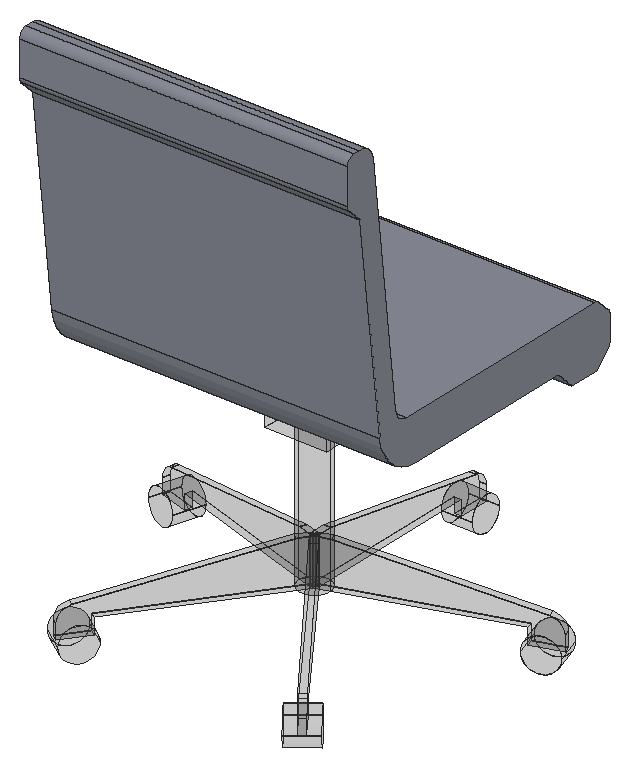
Revit family "M_Cadeira-Serviço", category Mobiliário, Revit 2019
Family settings
  Número OmniClass = 23.40.20.14.14.11
  Título OmniClass = Chairs
  ID de item do Seek = Chair-Task-0000-CAN-ENU
  Com base no plano de trabalho = Não
  Sempre na vertical = Sim
  Corte com vazios quando carregada = Não
  Compartilhado = Sim
  Ponto de cálculo do ambiente = Não
Parameters
  Material base = Plástico, Preto Opaco
  Material da projeção = Plástico, Preto Opaco
  Assento/Material preto = Tecido - Azul ardósia
Reference planes
  plane 1 "Centro (Frente/Trás)": y = 18.946
  plane 2: z = 0
  plane 3 "Centro (Esquerda/Direita)": x = 140.991
  plane 4: x = 458.491
  plane 5: x = -176.509
  plane 6: y = -323.954
  plane 7: y = 361.846
  plane 8: z = 889
  plane 9 "Assento": z = 457.2
  plane 10: y = -247.754
  plane 11: z = 863.6
  plane 12: y = 285.646
  plane 13: y = 260.246
  plane 14: z = 431.8
  plane 15: y = -222.354
  plane 16: z = 787.4
  plane 17: z = 355.6
  plane 18: x = 191.791
  plane 19: x = 90.191
Forms (mm)
  Extrusion 1, solid, material "Tecido - Azul ardósia" <- "Assento/Material preto"
    sketch origin (-176.509, 0, 0) x (0, -1, 0) y (0, 0, 1)
      loop
        arc (-255.01, 457.2) -> (-259.851, 456.241) -> (-263.96, 453.51) r 12.7
        line (-263.96, 453.51) -> (-281.896, 435.694)
        arc (-281.896, 435.694) -> (-284.671, 431.563) -> (-285.646, 426.684) r 12.7
        line (-285.646, 426.684) -> (-285.646, 391.641)
        arc (-285.646, 391.641) -> (-283.729, 381.96) -> (-278.266, 373.74) r 25.4
        line (-278.266, 373.74) -> (-260.247, 355.6) -> (-209.447, 355.6) -> (-181.074, 383.784) -> (107.109, 383.784)
        arc (107.109, 383.784) -> (157.745, 403.041) -> (182.787, 451.08) r 76.2
        line (182.787, 451.08) -> (222.354, 787.4) -> (244.034, 809.08)
        arc (244.034, 809.08) -> (246.787, 813.2) -> (247.754, 818.061) r 12.7
        line (247.754, 818.061) -> (247.754, 876.3)
        arc (247.754, 876.3) -> (244.034, 885.28) -> (235.054, 889) r 12.7
        line (235.054, 889) -> (222.179, 889)
        arc (222.179, 889) -> (205.3, 882.581) -> (196.953, 866.568) r 25.4
        line (196.953, 866.568) -> (151.431, 479.632)
        arc (151.431, 479.632) -> (143.084, 463.619) -> (126.205, 457.2) r 25.4
        line (126.205, 457.2) -> (-255.01, 457.2)
    from -50.8 to -584.2
  Extrusion 2, solid, material "Plástico, Preto Opaco" <- "Material base"
    sketch origin (191.791, 0, 0) x (0, -1, 0) y (0, 0, 1)
      loop
        line (19.154, 383.784) -> (-69.746, 383.784) -> (-69.746, 371.084) -> (-18.946, 283.095) -> (19.154, 283.095) -> (19.154, 383.784)
    from 0 to 101.6
  Extrusion 3, solid, material "Plástico, Preto Opaco" <- "Material base"
    sketch origin (140.991, 0, 0) x (0, 1, 0) y (0, 0, 1)
      loop
        line (18.946, 53.584) -> (311.046, 53.584) -> (311.046, 28.184) -> (361.846, 28.184) -> (361.846, 52.487)
        arc (361.846, 52.487) -> (355.903, 68.813) -> (340.857, 77.501) r 25.4
        line (340.857, 77.501) -> (44.346, 129.784) -> (18.946, 129.784) -> (18.946, 53.584)
    from 6.35 to -6.35
  Extrusion 4, solid, material "Plástico, Preto Opaco" <- "Material da projeção"
    sketch origin (140.991, 0, 0) x (0, 1, 0) y (0, 0, 1)
      loop
        circle (336.446, 28.184) r 28.2
    from 25.4 to -25.4
  Extrusion 5, solid, material "Plástico, Preto Opaco" <- "Material base"
    sketch origin (159.009, 13.091, 0) x (-0.951057, 0.309017, 0) y (0, 0, 1)
      loop
        line (18.946, 53.584) -> (311.046, 53.584) -> (311.046, 28.184) -> (361.846, 28.184) -> (361.846, 52.487)
        arc (361.846, 52.487) -> (355.903, 68.813) -> (340.857, 77.501) r 25.4
        line (340.857, 77.501) -> (44.346, 129.784) -> (18.946, 129.784) -> (18.946, 53.584)
    from 6.35 to -6.35
  Extrusion 6, solid, material "Plástico, Preto Opaco" <- "Material da projeção"
    sketch origin (159.009, 13.091, 0) x (-0.951057, 0.309017, 0) y (0, 0, 1)
      loop
        circle (336.446, 28.184) r 28.2
    from 25.4 to -25.4
  Extrusion 7, solid, material "Plástico, Preto Opaco" <- "Material base"
    sketch origin (152.127, 34.273, 0) x (-0.587785, -0.809017, 0) y (0, 0, 1)
      loop
        line (18.946, 53.584) -> (311.046, 53.584) -> (311.046, 28.184) -> (361.846, 28.184) -> (361.846, 52.487)
        arc (361.846, 52.487) -> (355.903, 68.813) -> (340.857, 77.501) r 25.4
        line (340.857, 77.501) -> (44.346, 129.784) -> (18.946, 129.784) -> (18.946, 53.584)
    from 6.35 to -6.35
  Extrusion 8, solid, material "Plástico, Preto Opaco" <- "Material da projeção"
    sketch origin (152.127, 34.273, 0) x (-0.587785, -0.809017, 0) y (0, 0, 1)
      loop
        circle (336.446, 28.184) r 28.2
    from 25.4 to -25.4
  Extrusion 9, solid, material "Plástico, Preto Opaco" <- "Material base"
    sketch origin (129.855, 34.273, 0) x (0.587785, -0.809017, 0) y (0, 0, 1)
      loop
        line (18.946, 53.584) -> (311.046, 53.584) -> (311.046, 28.184) -> (361.846, 28.184) -> (361.846, 52.487)
        arc (361.846, 52.487) -> (355.903, 68.813) -> (340.857, 77.501) r 25.4
        line (340.857, 77.501) -> (44.346, 129.784) -> (18.946, 129.784) -> (18.946, 53.584)
    from 6.35 to -6.35
  Extrusion 10, solid, material "Plástico, Preto Opaco" <- "Material da projeção"
    sketch origin (129.855, 34.273, 0) x (0.587785, -0.809017, 0) y (0, 0, 1)
      loop
        circle (336.446, 28.184) r 28.2
    from 25.4 to -25.4
  Extrusion 11, solid, material "Plástico, Preto Opaco" <- "Material base"
    sketch origin (122.972, 13.091, 0) x (0.951057, 0.309017, 0) y (0, 0, 1)
      loop
        line (18.946, 53.584) -> (311.046, 53.584) -> (311.046, 28.184) -> (361.846, 28.184) -> (361.846, 52.487)
        arc (361.846, 52.487) -> (355.903, 68.813) -> (340.857, 77.501) r 25.4
        line (340.857, 77.501) -> (44.346, 129.784) -> (18.946, 129.784) -> (18.946, 53.584)
    from 6.35 to -6.35
  Extrusion 12, solid, material "Plástico, Preto Opaco" <- "Material da projeção"
    sketch origin (122.972, 13.091, 0) x (0.951057, 0.309017, 0) y (0, 0, 1)
      loop
        circle (336.446, 28.184) r 28.2
    from 25.4 to -25.4
  Extrusion 13, solid, material "Plástico, Preto Opaco" <- "Material base"
    sketch origin (0, 0, 0) x (1, 0, 0) y (0, 1, 0)
      loop
        circle (140.991, 18.946) r 25.4
    from 53.584 to 384.175
Lines and regions (mm)
  Masking region 1
    outline origin (0, 0, 457.2) x (0, -1, 0) y (1, 0, 0)
      loop
        line (-286.896, -132.059) -> (218.634, -132.059)
        arc (218.634, -132.059) -> (236.595, -124.62) -> (244.034, -106.659) r 25.4
        line (244.034, -106.659) -> (244.034, 388.641)
        arc (244.034, 388.641) -> (236.595, 406.601) -> (218.634, 414.041) r 25.4
        line (218.634, 414.041) -> (-286.896, 414.041) -> (-286.896, -132.059)
  symbolic lines
    curve 1: line (-100.309, -247.754, 457.2) -> (382.291, -247.754, 457.2)
    curve 2: line (-125.709, -222.354, 457.2) -> (-125.709, -177.005, 457.2)
    curve 3: line (-74.909, -126.205, 457.2) -> (356.891, -126.205, 457.2)
    curve 4: line (407.691, -222.354, 457.2) -> (407.691, -177.005, 457.2)
    curve 5: arc (-74.909, -126.205, 457.2) -> (-110.83, -141.084, 457.2) -> (-125.709, -177.005, 457.2) r 50.8
    curve 6: arc (356.891, -126.205, 457.2) -> (392.812, -141.084, 457.2) -> (407.691, -177.005, 457.2) r 50.8
    curve 7: arc (-125.709, -222.354, 457.2) -> (-118.27, -240.315, 457.2) -> (-100.309, -247.754, 457.2) r 25.4
    curve 8: arc (407.691, -222.354, 457.2) -> (400.251, -240.315, 457.2) -> (382.291, -247.754, 457.2) r 25.4
    curve 9: line (-132.059, 286.896, 457.2) -> (414.041, 286.896, 457.2)
    curve 10: line (-132.059, 286.896, 457.2) -> (-132.059, -218.634, 457.2)
    curve 11: line (-106.659, -244.034, 457.2) -> (388.641, -244.034, 457.2)
    curve 12: line (414.041, 286.896, 457.2) -> (414.041, -218.634, 457.2)
    curve 13: arc (-132.059, -218.634, 457.2) -> (-124.62, -236.595, 457.2) -> (-106.659, -244.034, 457.2) r 25.4
    curve 14: arc (414.041, -218.634, 457.2) -> (406.601, -236.595, 457.2) -> (388.641, -244.034, 457.2) r 25.4
Dimensions and locks
  equal spacing: plane 5, plane 3 "Centro (Esquerda/Direita)", plane 4
  plane 5 to plane 4 = 635.00 mm
  equal spacing: plane 6, plane 1 "Centro (Frente/Trás)", plane 7
  plane 6 to plane 7 = 685.80 mm
Automatic sketch dimensions
  plane 7 to curve 9 = 74.95 mm
  plane 1 "Centro (Frente/Trás)" to curve 3 = 145.151 mm
  curve 3 to curve 6 = 50.80 mm
  curve 4 to curve 14 = 41.629 mm
  curve 2 to curve 10 = 41.629 mm
  curve 13 to curve 7 = 3.72 mm
  curve 14 to curve 4 = 3.72 mm
  curve 7 to curve 13 = 21.68 mm
  curve 8 to curve 14 = 21.68 mm
  curve 11 to curve 7 = 3.72 mm
  curve 9 to plane 5 = 44.45 mm
  curve 13 to curve 2 = 6.35 mm
  curve 8 to curve 14 = 6.35 mm
  plane 4 to curve 12 = 44.45 mm
  plane 7 to Masking region 1 sketch curve = 74.95 mm
  plane 4 to Masking region 1 sketch curve = 44.45 mm
  Masking region 1 sketch curve to plane 6 = 105.32 mm  (x2)
  Masking region 1 sketch curve to plane 5 = 44.45 mm
  Masking region 1 sketch curve to Masking region 1 sketch curve = 25.40 mm
